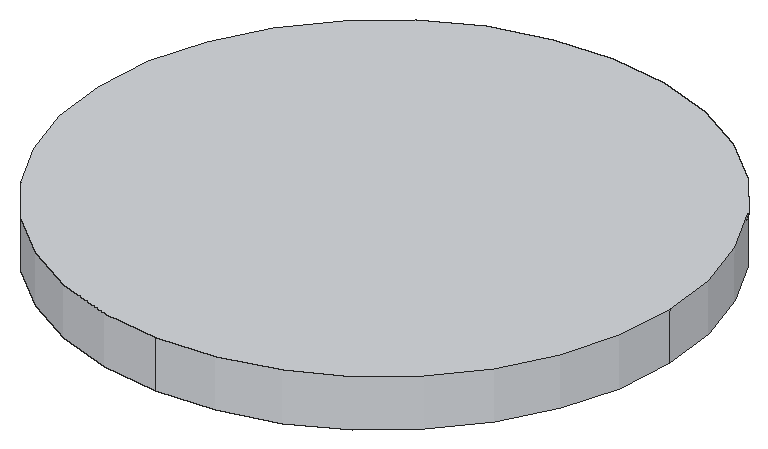
Revit family "93bab00604e24bc3b86738da419e1c3f", category Air Terminals, host Face, Revit 2021
Family settings
  Host = Face
  Round Connector Dimension = Use Radius
  Part Type = Normal
  OmniClass Number = 23.75.70.21.27
  OmniClass Title = Air Outlets and Inlets
  Seek Item ID = Round Duct Connector - Return Air - Air Terminal-0000-USA-ENU
  Cut with Voids When Loaded = No
  Shared = No
  Room Calculation Point = No
Parameters (values of type "Standard")
  TopArrowVisible [instance] = yes
  Thickness = 1"
  RightArrowVisible [instance] = yes
  Radius = 6"
  LeftArrowVisible [instance] = yes
  Flow [instance] = 100 CFM
  Diameter = Radius * 2  # 12"
  Default Elevation = 0' - 0"
  BottomArrowVisible [instance] = yes
  Assembly Code = ""
  Arrow Offset = 1' - 2 1/4"
Reference planes (in)
  plane 1 "Center (Front/Back)": y = 0
  plane 2: z = 0
  plane 3 "Center (Left/Right)": x = 0
Forms (in)
  Sweep 1, solid
    path in 3D
      loop
        line (0, 0, 0) -> (0, 0, 1)
    profile "Duct - Round : Duct - Round" origin (0, 0, 0.5) x (0, -1, 0) y (1, 0, 0)
      loop
        arc (-6, 0) -> (-4.24264, -4.24264) -> (0, -6) r 6
        arc (0, -6) -> (4.24264, -4.24264) -> (6, 0) r 6
        arc (6, 0) -> (4.24264, 4.24264) -> (0, 6) r 6
        arc (0, 6) -> (-4.24264, 4.24264) -> (-6, 0) r 6
Lines and regions (in)
  reference lines
    curve 1: line (0, 0, 0) -> (0, 0, 1)
  sketch lines
    curve 2: line (0, 0, 0) -> (0, 0, 1)
Dimensions and locks (in)
  "Thickness": curve 1 to curve 1
  "Arrow Offset": plane 1 "Center (Front/Back)" to nested 2
  "Arrow Offset": nested 1 to plane 3 "Center (Left/Right)"
  "Arrow Offset": plane 1 "Center (Front/Back)" to nested 4
  "Arrow Offset": plane 3 "Center (Left/Right)" to nested 3
  aligned and locked: plane 2 to host face
  aligned and locked: level to host face
  aligned and locked: host face to curve 1
  aligned and locked: curve 1 to plane 1 "Center (Front/Back)"
  aligned and locked: nested 2 to plane 3 "Center (Left/Right)"
  aligned and locked: plane 1 "Center (Front/Back)" to nested 1
  aligned and locked: plane 3 "Center (Left/Right)" to nested 4
  aligned and locked: nested 3 to plane 1 "Center (Front/Back)"
Automatic sketch dimensions
  host sketch curve to host sketch curve = 8' - 0"  (x2)
Nested families (in)
  nested 1: "Duct Terminal Arrow_Reverse" at (-14.25, 0, 0), visible <- "LeftArrowVisible", type "Duct Terminal Arrow_Reverse"
  nested 2: "Duct Terminal Arrow_Reverse" at (0, 14.25, 0) x (0, -1, 0) z (0, 0, 1), visible <- "TopArrowVisible", type "Duct Terminal Arrow_Reverse"
  nested 3: "Duct Terminal Arrow_Reverse" at (14.25, 0, 0) x (-1, 0, 0) z (0, 0, 1), visible <- "RightArrowVisible", type "Duct Terminal Arrow_Reverse"
  nested 4: "Duct Terminal Arrow_Reverse" at (0, -14.25, 0) x (0, 1, 0) z (0, 0, 1), visible <- "BottomArrowVisible", type "Duct Terminal Arrow_Reverse"
Connectors (in)
  hvac at (0, 0, 1), driven by "Radius", driven by "Flow"
    settings: on Sweep 1, index 1, duct flow 100 CFM, flow factor 0, pres drop 0.00 in-wg, loss coef 0, conn angle 0.00°, conn width 12", conn height 12", conn diameter 12", duct sys type 2, conn prof type 0, flow config 1, flow direction 2, loss method 0, conn ref index -1, conn util no, is conn primary yes, conn desc ""
Definition of nested family "Duct Terminal Arrow_Reverse"
  Reference planes (in)
    plane 1: y = 0
    plane 2: x = 0
  Lines and regions (in)
    Filled region 1, type "Solid Black"
      outline origin (-1, 0, 0) x (1, 0, 0) y (0, 1, 0)
        loop
          line (1, 0) -> (0.875, 0.0455) -> (0.875, -0.0455) -> (1, 0)
    detail lines
      curve 1: line (-0.25, 0, 0) -> (0, 0, 0)
